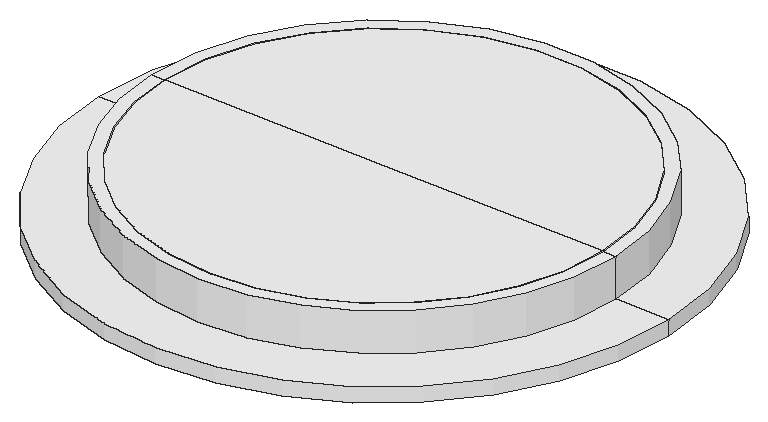
Revit family "Plumbing Fixture-FloorDrain_Mifab_C1400-R", category Plumbing Fixtures, host Face, Revit 2013
Parameters
  WFU = 0
  URL = "WWW.MIFAB.COM"
  Stainer Radius = Stainer Diameter / 2  # 3.500"
  Stainer Diameter = 7.000"
  Model = "C1400-R"
  Manufacturer = "MIFAB"
  Floor Drain Material = Paint - Sherwin Williams Paint - #952C2A - Bellwood Red
  Description = "EXPANDABLE LINE CLEANOUT WITH ROUND, NICKEL BRONZE WALL ACCESS PANEL"
  Default Elevation = 0.000"
Reference planes (in)
  plane 1 "Center (Front/Back)": y = 0
  plane 2: z = 0
  plane 3 "Center (Left/Right)": x = 0
  plane 4: y = -3.5
  plane 5: y = 3.5
Forms (in)
  Revolve 1, solid, material "Paint - Sherwin Williams Paint - #952C2A - Bellwood Red" <- "Floor Drain Material"
    sketch origin (0, 0, 0) x (1, 0, 0) y (0, 0, 1)
      loop
        line (-3, 0) -> (-3.176, 0) -> (-3.176, -0.525) -> (-3.9, -0.525) -> (-3.9, -0.725) -> (-3, -0.725) -> (-3, -0.325) -> (-2.2, -0.325) -> (-2.2, -0.2) -> (-3, -0.2) -> (-3, 0)
      axis (0, 0) -> (0, -0.725)
    angle from 0 to 360
  Revolve 2, solid, material "Paint - Sherwin Williams Paint - #952C2A - Bellwood Red" <- "Floor Drain Material"
    sketch origin (0, 0, 0) x (1, 0, 0) y (0, 0, 1)
      loop
        line (-3, 0) -> (-3, -0.16) -> (-0.41, -0.16) -> (-0.41, -0.725) -> (-0.205, -0.725) -> (-0.125, -0.645) -> (-0.125, -0.225) -> (0, -0.225) -> (0, 0) -> (-3, 0)
      axis (0, 0) -> (0, -0.725)
    angle from 0 to 360
Lines and regions (in)
  symbolic lines
    curve 1: circle (0, 0, 0) r 3.5 normal (0, 0, 1)
Dimensions and locks (in)
  "Stainer Diameter": plane 5 to plane 4
  equal spacing: plane 5, plane 1 "Center (Front/Back)", plane 4
  locked: Revolve 1 sketch curve to Revolve 1 sketch curve at 0.176  (x2)
  locked: Revolve 1 sketch curve to Revolve 1 sketch curve at 0.2
  locked: Revolve 1 sketch curve to Revolve 1 sketch curve at 0.125
  locked: Revolve 1 sketch curve to Revolve 1 sketch curve at 0.8
  locked: Revolve 1 sketch curve to Revolve 1 sketch curve at 0.9
  locked: host face to Revolve 2 sketch curve at 0.16
  locked: Revolve 2 sketch curve to Revolve 2 sketch curve at 0.285
  locked: host face to Revolve 2 sketch curve at 0.225
  locked: Revolve 2 sketch curve to Revolve 2 sketch curve at 3
  "Stainer Radius": radius of curve 1
  aligned and locked: plane 2 to host face
  aligned and locked: level to host face
  aligned and locked: plane 1 "Center (Front/Back)" to curve 1
  aligned and locked: plane 3 "Center (Left/Right)" to curve 1
  aligned and locked: Revolve 1 sketch curve to plane 3 "Center (Left/Right)"
  aligned and locked: Revolve 2 sketch curve to plane 3 "Center (Left/Right)"
Automatic sketch dimensions
  host sketch curve to host sketch curve = 96.000"  (x2)
  Revolve 1 sketch curve to level = 0.000"
  Revolve 1 sketch curve to level = 0.725"
  Revolve 1 sketch curve to plane 3 "Center (Left/Right)" = 3.900"
  Revolve 1 sketch curve to level = 0.325"
  Revolve 1 sketch curve to Revolve 1 sketch curve = 6.225"
  level to Revolve 1 sketch curve = 7.800"
  Revolve 2 sketch curve to level = 0.000"
  Revolve 2 sketch curve to plane 3 "Center (Left/Right)" = 0.000"
  Revolve 2 sketch curve to level = 0.725"
  Revolve 2 sketch curve to plane 3 "Center (Left/Right)" = 0.125"
  Revolve 2 sketch curve to Revolve 2 sketch curve = 0.080"  (x2)
  Revolve 2 sketch curve to Revolve 2 sketch curve = 0.46458"
  level to Revolve 2 sketch curve = 1.18247"
  plane 1 "Center (Front/Back)" to curve 1 = 0.000"
  curve 1 to plane 3 "Center (Left/Right)" = 0.000"
